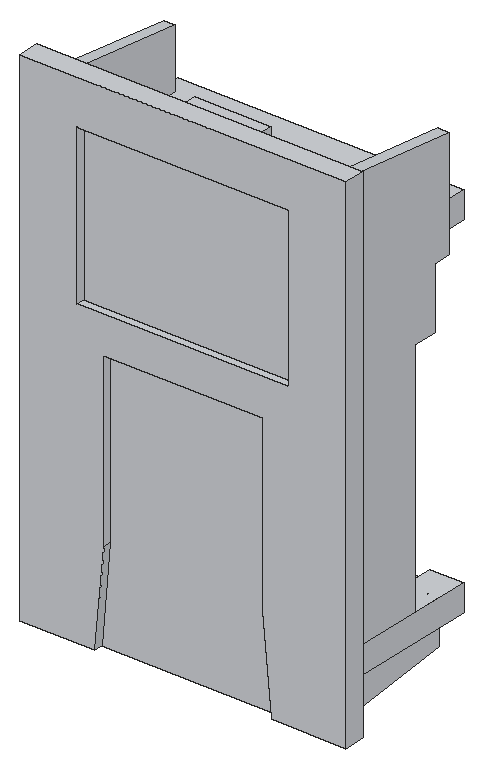
Revit family
Parameters
  Material ID = "760161133"
  Description = "LF80 FACEPLATE YELLOW"
Reference planes (in)
  plane 1 "Center (Front/Back)": y = 0
  plane 2: z = 0
  plane 3 "Center (Left/Right)": x = 0
Forms (in)
  Extrusion 1, void, not visible
    sketch origin (0, 0, 0) x (1, 0, 0) y (0, 0, 1)
      loop
        line (-7.85662, 0.48089) -> (-7.85662, -0.39002) -> (-7.67285, -0.39002) -> (-7.67285, -0.64002) -> (-7.0736, -0.64002) -> (-7.0736, -0.39002) -> (-6.92978, -0.39002) -> (-6.92978, 0.48089) -> (-7.85662, 0.48089)
    from -3.79215 to 12
  Extrusion 2, void, not visible
    sketch origin (0, 0, 0) x (1, 0, 0) y (0, 0, 1)
      loop
        line (-8.21397, 0.42583) -> (-8.21397, -0.07417) -> (-8.08657, -0.07417) -> (-8.08657, -0.27417) -> (-7.83657, -0.27417) -> (-7.83657, -0.07417) -> (-7.72497, -0.07417) -> (-7.72497, 0.42583) -> (-8.21397, 0.42583)
    from 0.74059 to 3.34334
  Extrusion 3, solid
    sketch origin (0, 0, 0) x (1, 0, 0) y (0, 0, 1)
      loop
        line (-0.486, 0) -> (-0.486, -0.756) -> (0.486, -0.756) -> (0.486, 0.756) -> (-0.486, 0.756) -> (-0.486, 0)
    from 0 to 0.512
  Extrusion 4, void
    sketch origin (0, 0, 0) x (1, 0, 0) y (0, 0, 1)
      loop
        line (-0.486, 0.756) -> (-0.486, -0.756) -> (0.486, -0.756) -> (0.486, 0.756) -> (-0.486, 0.756)
      loop
        line (0.426, 0.489) -> (-0.426, 0.489) -> (-0.426, 0.409) -> (-0.376, 0.409) -> (-0.376, -0.561) -> (-0.426, -0.561) -> (-0.426, -0.641) -> (0.426, -0.641) -> (0.426, -0.561) -> (0.376, -0.561) -> (0.376, 0.409) -> (0.426, 0.409) -> (0.426, 0.489)
    from 0 to 0.45
  Extrusion 5, void
    sketch origin (0, 0, 0) x (1, 0, 0) y (0, 0, 1)
      loop
        line (0.326, 0.439) -> (-0.326, 0.439) -> (-0.326, 0.205) -> (0.326, 0.205) -> (0.326, 0.439)
      loop
        line (-0.326, -0.58901) -> (0.326, -0.58901) -> (0.326, 0.155) -> (-0.326, 0.155) -> (-0.326, -0.58901)
    from 0 to 0.45
  Extrusion 6, void
    sketch origin (0, 0, 0) x (0, 1, 0) y (0, 0, 1)
      loop
        line (0, -0.561) -> (0, 0.155) -> (0, 0.33829) -> (-0.1063, 0.33829) -> (-0.1063, 0.155) -> (-0.18174, 0.155) -> (-0.18174, -0.561) -> (0, -0.561)
    from -0.77686 to 12
  Extrusion 7, solid
    sketch origin (0, 0, 0) x (0, 1, 0) y (0, 0, 1)
      loop
        line (-0.05315, 0.33829) -> (-0.05315, 0.66645) -> (-0.45, 0.71518) -> (-0.45, -0.641) -> (-0.45, -0.73438) -> (-0.09087, -0.69029) -> (-0.09087, -0.561) -> (-0.18174, -0.561) -> (-0.18174, 0.155) -> (-0.1063, 0.155) -> (-0.1063, 0.33829) -> (-0.05315, 0.33829)
    from 0.39216 to 0.426
  Extrusion 8, solid
    sketch origin (0, 0, 0) x (0, 1, 0) y (0, 0, -1)
      loop
        line (-0.05315, -0.33829) -> (-0.1063, -0.33829) -> (-0.1063, -0.155) -> (-0.18174, -0.155) -> (-0.18174, 0.561) -> (-0.09087, 0.561) -> (-0.09087, 0.69029) -> (-0.45, 0.73438) -> (-0.45, 0.641) -> (-0.45, -0.71518) -> (-0.05315, -0.66645) -> (-0.05315, -0.33829)
    from 0.39216 to 0.426
  Extrusion 9, void
    sketch origin (0, 0, 0) x (1, 0, 0) y (0, 0, 1)
      loop
        line (-0.316, 0.623) -> (-0.316, 0.149) -> (0.315, 0.149) -> (0.315, 0.623) -> (-0.316, 0.623)
      loop
        line (-0.238, 0.039) -> (-0.238, -0.473) -> (-0.26276, -0.756) -> (0.26276, -0.756) -> (0.238, -0.473) -> (0.238, 0.039) -> (-0.238, 0.039)
    from 0.48669 to 0.51614
  Extrusion 10, solid
    sketch origin (0, 0, 0) x (1, 0, 0) y (0, 0, 1)
      loop
        line (0.13198, 0.70886) -> (-0.09355, 0.70886) -> (-0.09355, 0.64084) -> (0.13198, 0.64084) -> (0.13198, 0.70886)
      loop
        circle (0.02004, -0.69562) r 0.0393
    from 0.45 to 0.35124
Cuts and joins
  Extrusion 4, Extrusion 5, Extrusion 6, Extrusion 9 cuts Extrusion 3
